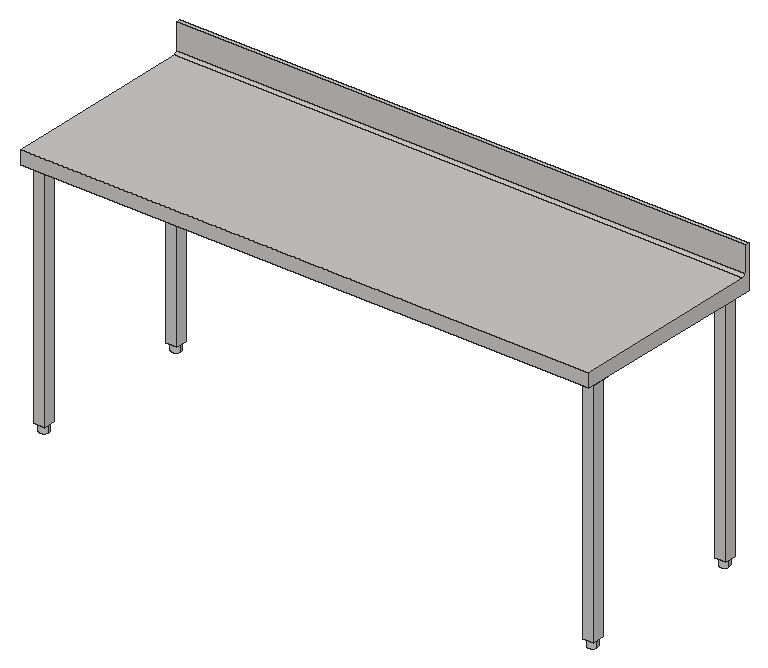
Revit family "QF_ELECTROLUXPROFESSIONAL_132759_TG2010PN", category Attrezzature speciali, Revit 2020
Family settings
  Quota connettore circolare = Usa diametro
  Tipo di parte = Normale
  Basato su piano di lavoro = No
  Sempre verticale = Sì
  Taglio con vuoti quando caricato = No
  Condiviso = No
  Punto di calcolo locali = No
Parameters (values of type "Standard")
  Weight = 58.00 kg
  Watts = 0 W
  Volts = 0 V
  URL Manufacturer = "https://www.electroluxprofessional.com/"
  URL = "https://www.electroluxprofessional.com/"
  Steam Supply Size = 0 mm
  Steam Supply Minimum Pressure = 0.0 Pa
  Steam Supply Maximum Pressure = 0.0 Pa
  Steam Consumption per Hour = 0
  Refrigeration Suction Line Size = 0.0 mm
  Refrigeration Liquid Line Size = 0.0 mm
  Refrigerant Compressor Remote = yes
  Prospetto di default = 0.0 mm
  Produttore = "Electrolux Professional"
  Phase = 0
  Modello = "TG2010PN"
  Length Actual = 2000.0 mm  # constant formula
  Item Number = "132759"
  Hot Water Size = 0 mm
  Height Actual = 1000.0 mm  # constant formula
  HP = "0 HP"
  Gas Size = 0 mm
  Gas KW = 0
  Gas Input Pressure = 0 W
  Direct Waste Size = 0 mm
  Descrizione = "WORK TABLE WITH UPSTAND 2000 MM"
  Depth Actual = 700.0 mm  # constant formula
  Cycle = 0 Hz
  Condensate Return Size = 0 mm
  Compressed Air Volume = 0.0 L/s
  Compressed Air Size = 0 mm
  Compressed Air Pressure = 0.0 Pa
  Cold Water Size = 0 mm
  Accessory = yes
Reference planes
  plane 1 "Center (Front/Back)": y = 0
  plane 2: z = 0
  plane 3 "Center (Left/Right)": x = -500
  plane 4 "LEFT": x = -1500
  plane 5 "RIGHT": x = 500
  plane 6 "BACK": y = 350
  plane 7 "FRONT": y = -350
  plane 8 "Base": z = 850
  plane 9 "TOP": z = 900
  plane 10: x = -1464.5
  plane 11: x = 464.5
  plane 12: y = 290
  plane 13: y = -290
Forms (mm)
  Extrusion 1, solid, material "QF_Finishes_Stainless Steel"
    sketch origin (-500, 0, 0) x (0, 1, 0) y (0, 0, 1)
      loop
        line (-350, 850) -> (350, 850) -> (350, 1000) -> (337, 1000) -> (337, 910)
        arc (337, 910) -> (334.071, 902.929) -> (327, 900) r 10
        line (327, 900) -> (-350, 900) -> (-350, 850)
    from 1000 to -1000
Lines and regions (mm)
  symbolic lines
    curve 1: line (500, 350, 900) -> (-1500, 350, 900)
    curve 2: line (-1500, 350, 900) -> (-1500, -350, 900)
    curve 3: line (-1500, -350, 900) -> (500, -350, 900)
    curve 4: line (500, -350, 900) -> (500, 350, 900)
    curve 5: line (500, 337, 900) -> (-1500, 337, 900)
Dimensions and locks
  plane 4 "LEFT" to plane 5 "RIGHT" = 2000.0 mm
  equal spacing: plane 4 "LEFT", plane 3 "Center (Left/Right)", plane 5 "RIGHT"
  locked: plane 8 "Base" to level at 850
  plane 4 "LEFT" to plane 10 = 35.5 mm
  plane 11 to plane 5 "RIGHT" = 35.5 mm
  plane 10 to plane 11 = 1929.0 mm
  locked: Extrusion 1 to level at 1000
  plane 9 "TOP" to level = 900.0 mm
  plane 6 "BACK" to plane 12 = 60.0 mm
  plane 13 to plane 7 "FRONT" = 60.0 mm
  plane 6 "BACK" to plane 7 "FRONT" = 700.0 mm
  plane 12 to plane 13 = 580.0 mm
  equal spacing: plane 6 "BACK", plane 1 "Center (Front/Back)", plane 7 "FRONT"
  aligned and locked: level to plane 2
  aligned and locked: plane 10 to nested 1
  aligned and locked: nested 1 to plane 13
  aligned and locked: plane 11 to nested 2
  aligned and locked: nested 2 to plane 13
  aligned and locked: plane 11 to nested 4
  aligned and locked: nested 4 to plane 12
  aligned and locked: plane 10 to nested 3
  aligned and locked: nested 3 to plane 12
  aligned and locked: Extrusion 1 to plane 4 "LEFT"
  aligned and locked: plane 5 "RIGHT" to Extrusion 1
  aligned and locked: curve 2 to plane 4 "LEFT"
Automatic sketch dimensions
  Extrusion 1 sketch curve to plane 7 "FRONT" = 0.0 mm
  Extrusion 1 sketch curve to plane 9 "TOP" = 0.0 mm
  Extrusion 1 sketch curve to plane 6 "BACK" = 0.0 mm
  Extrusion 1 sketch curve to plane 8 "Base" = 0.0 mm
  plane 9 "TOP" to Extrusion 1 sketch curve = 10.0 mm
  Extrusion 1 sketch curve to plane 6 "BACK" = 13.0 mm
  Extrusion 1 sketch curve to Extrusion 1 sketch curve = 90.0 mm
  curve 3 to plane 7 "FRONT" = 0.0 mm
  curve 5 to plane 5 "RIGHT" = 0.0 mm
  curve 4 to plane 6 "BACK" = 0.0 mm
  curve 5 to plane 6 "BACK" = 13.0 mm
Nested families
  nested 1: "FEET_40x40" at (-1464.5, -290, 0), type "FEET_40x40"
  nested 2: "FEET_40x40" at (464.5, -290, 0), type "FEET_40x40"
  nested 3: "FEET_40x40" at (-1464.5, 290, 0), type "FEET_40x40"
  nested 4: "FEET_40x40" at (464.5, 290, 0), type "FEET_40x40"
Definition of nested family "FEET_40x40"
  Parameters
    Default Elevation = 0.0 mm
    FEET = 850.0 mm
  Reference planes
    plane 1 "Center (Front/Back)": y = 0
    plane 2: z = 0
    plane 3 "Center (Left/Right)": x = 0
    plane 4: z = 850
  Forms (mm)
    Extrusion 1, solid
      sketch origin (0, 0, 0) x (1, 0, 0) y (0, 1, 0)
        loop
          line (-20, -20) -> (20, -20) -> (20, 20) -> (-20, 20) -> (-20, -20)
      from 25 to 845
    Extrusion 2, solid
      sketch origin (0, 0, 0) x (1, 0, 0) y (0, 1, 0)
        loop
          circle (0, 0) r 16
      from 0 to 25
    Extrusion 3, solid
      sketch origin (0, 0, 0) x (1, 0, 0) y (0, 1, 0)
        loop
          line (30, 30) -> (-30, 30) -> (-30, -30) -> (30, -30) -> (30, 30)
      from 845 to 850
  Lines and regions (mm)
    symbolic lines
      curve 1: line (0, -1.503, 0) -> (0, 1.508, 0)
      curve 2: line (1.561, 0, 0) -> (-1.439, 0, 0)
  Dimensions and locks
    "FEET": plane 4 to plane 2
    aligned and locked: level to plane 2
  Automatic sketch dimensions
    Extrusion 1 sketch curve to plane 3 "Center (Left/Right)" = 20.0 mm
    plane 3 "Center (Left/Right)" to Extrusion 1 sketch curve = 20.0 mm
    plane 1 "Center (Front/Back)" to Extrusion 1 sketch curve = 20.0 mm
    Extrusion 1 sketch curve to plane 1 "Center (Front/Back)" = 20.0 mm
    plane 1 "Center (Front/Back)" to Extrusion 2 sketch curve = 0.0 mm
    Extrusion 2 sketch curve to plane 3 "Center (Left/Right)" = 0.0 mm
    plane 3 "Center (Left/Right)" to Extrusion 3 sketch curve = 30.0 mm
    Extrusion 3 sketch curve to plane 1 "Center (Front/Back)" = 30.0 mm
    Extrusion 3 sketch curve to plane 3 "Center (Left/Right)" = 30.0 mm
    plane 1 "Center (Front/Back)" to Extrusion 3 sketch curve = 30.0 mm
    plane 1 "Center (Front/Back)" to curve 2 = 0.0 mm
    curve 1 to plane 3 "Center (Left/Right)" = 0.0 mm
    curve 2 to plane 3 "Center (Left/Right)" = 1.439 mm
    plane 3 "Center (Left/Right)" to curve 2 = 1.561 mm
    plane 1 "Center (Front/Back)" to curve 1 = 1.503 mm
    curve 1 to plane 1 "Center (Front/Back)" = 1.508 mm
    radius of Extrusion 2 sketch curve = 16.0 mm
